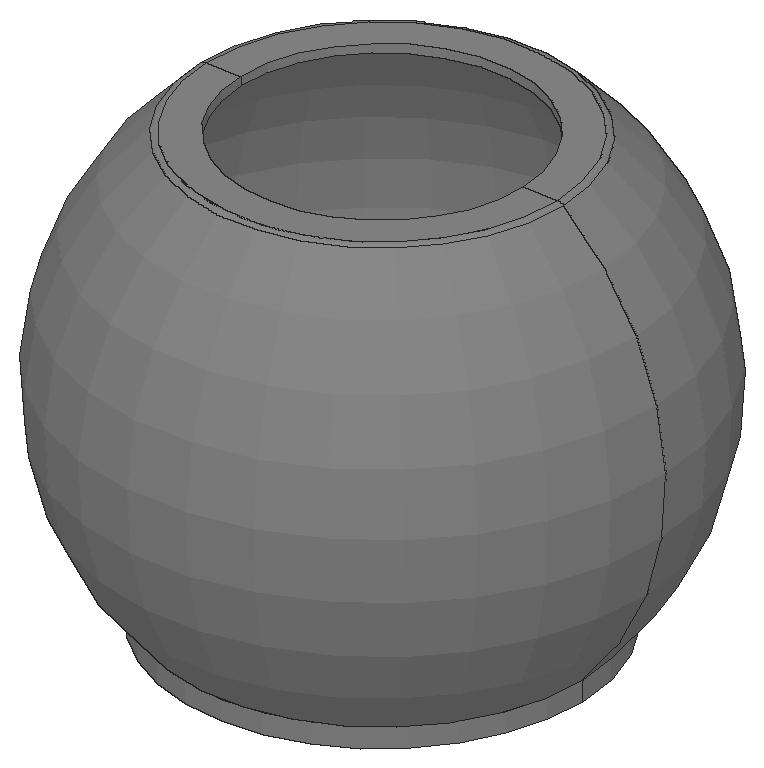
Revit family "tsvetochnitsa_atom", category Антураж, Revit 2017
Family settings
  На основе рабочей плоскости = Нет
  Всегда вертикально = Да
  При загрузке вырезать с полостями = Нет
  Источник визуального образа = Геометрия семейства
  Общий = Нет
  Точка расчета площади = Нет
Parameters (values of type ""Атом" Шахматка")
  Производитель = "ГК Очаковский комбинат ЖБИ"  # constant formula
  Позиция = ""
  Поверхность = ""
  Площадь [instance] = 1.04 m²
  Описание изделия [instance] = "За основу формы цветочницы «Атом» взят идеальный шар. Цветочницы такой формы воспринимаются самостоятельными элементами благоустройства и часто используются группами, в том числе в комплексе с парковочными ограничителями вида «сфера» и «полусфера»."
  Объем бетона = 0.05 m³
  Обозначение = ""
  Наименование = "Цветочница \"Атом\""
  Морозостойкость [instance] = "F150"
  Материал = Очаковский_Шахматка
  Масса [instance] = 125.00 kg
  Класс бетона [instance] = "В30"
  Защитное покрытие [instance] = 0.89
  Диаметр = 580 mm
  Watermarked By = ""
  Высота = 450 mm
  Водонепроницаемость [instance] = "W8"
  URL = "http://file-system.ru/catalog/blagoustroystvo/blagoustroystvo_goroda/vazony_i_tsvetochnitsy/atom_tsvetochnitsa_/"
Types (10, lengths in mm): name | Материал | URL
  (no name) | Очаковский_Шахматка | "http://file-system.ru/catalog/blagoustroystvo/blagoustroystvo_goroda/vazony_i_tsvetochnitsy/atom_tsvetochnitsa_/"
  "Атом" Белый | Очаковский_Белый | 0
  "Атом" Белый шелк | Очаковский_Белый_Шелк | 0
  "Атом" Светло-серый | Очаковский_Светло-серый | 0
  "Атом" Черный глянец | Очаковский_Черный_глянец | 0
  "Атом" Черный шелк | Очаковский_Черный_шелк | 0
  "Атом" Морская соль | Очаковский_Морская_соль | 0
  "Атом" Крымский берег | Очаковский_Крымский_берег | 0
  "Атом" Московский гравий | Очаковский_Московский_гравий | 0
  "Атом" Шахматка | Очаковский_Шахматка | "http://file-system.ru/catalog/blagoustroystvo/blagoustroystvo_goroda/vazony_i_tsvetochnitsy/atom_tsvetochnitsa_/"
Reference planes
  plane 1 "По центру (Вперед/Назад)": y = 0
  plane 2: z = 0
  plane 3 "По центру (Влево/Вправо)": x = 0
  plane 4: z = 450
  plane 5: x = -290
  plane 6: x = 290
  plane 7: y = -290
  plane 8: y = 290
Forms (mm)
  Revolve 1, solid, material "Очаковский_Шахматка" <- "Материал", detail levels medium+fine
    sketch origin (0, 0, 0) x (1, 0, 0) y (0, 0, 1)
      loop
        arc (205.122, 20) -> (289.704, 238.102) -> (185.78, 447.679) r 290
        arc (185.78, 447.679) -> (182.781, 449.402) -> (179.374, 450) r 10
        line (179.374, 450) -> (144.374, 450) -> (144.374, 441.232)
        arc (144.374, 441.232) -> (259.823, 234.59) -> (159.922, 20) r 260
        line (159.922, 20) -> (0, 20) -> (0, 0) -> (205.122, 0) -> (205.122, 20)
      axis (0, 450) -> (0, 0)
    angle from 0 to 360
Dimensions and locks
  "Высота": plane 4 to plane 2
  equal spacing: plane 8, plane 1 "По центру (Вперед/Назад)", plane 7
  equal spacing: plane 5, plane 3 "По центру (Влево/Вправо)", plane 6
  "Диаметр": plane 5 to plane 6
  "Диаметр": plane 8 to plane 7
  aligned and locked: level to plane 2
  aligned and locked: Revolve 1 sketch curve to plane 3 "По центру (Влево/Вправо)"
  aligned and locked: plane 4 to Revolve 1 sketch curve
  aligned and locked: Revolve 1 sketch curve to plane 2
  aligned and locked: plane 3 "По центру (Влево/Вправо)" to nested 1
  aligned and locked: plane 1 "По центру (Вперед/Назад)" to nested 1
Automatic sketch dimensions
  Revolve 1 sketch curve to Revolve 1 sketch curve = 0 mm  (x2)
  Revolve 1 sketch curve to plane 3 "По центру (Влево/Вправо)" = 0 mm  (x2)
  plane 4 to Revolve 1 sketch curve = 8.768 mm
  plane 3 "По центру (Влево/Вправо)" to Revolve 1 sketch curve = 144.374 mm
  level to Revolve 1 sketch curve = 20 mm
  plane 3 "По центру (Влево/Вправо)" to Revolve 1 sketch curve = 159.922 mm
  plane 4 to Revolve 1 sketch curve = 10 mm
  Revolve 1 sketch curve to Revolve 1 sketch curve = 35 mm
  Revolve 1 sketch curve to Revolve 1 sketch curve = 45.2 mm
  Revolve 1 sketch curve to Revolve 1 sketch curve = 20 mm
  Revolve 1 sketch curve to level = 366.045 mm
  Revolve 1 sketch curve to plane 4 = 1663.799 mm
Nested families
  nested 1: "МАФ Круглый низкая дет" at (0, 0, 0), Диаметр <- "Диаметр", Высота <- "Высота", type "МАФ Круглый низкая дет"
    with Диаметр 580 mm, Высота 450 mm
Definition of nested family "МАФ Круглый низкая дет"
  Parameters (values of type "МАФ Круглый низкая дет")
    Диаметр [instance] = 300 mm
    Высота [instance] = 600 mm
    Watermarked By = ""
    Type Comments = "﻿﻿                             ​                  ​       ​    ​                    ﻿  ​       ​        ﻿       ﻿  ​     ​   ​   ﻿   ﻿   ﻿   ﻿ ﻿   ﻿ ﻿ ﻿﻿﻿ ﻿ ﻿﻿       ﻿﻿"
    Keynote = "﻿﻿                             ​                  ​       ​    ​                    ﻿  ​       ​        ﻿       ﻿  ​     ​   ​   ﻿   ﻿   ﻿   ﻿ ﻿   ﻿ ﻿ ﻿﻿﻿ ﻿ ﻿﻿       ﻿﻿"
    Description = "﻿﻿                             ​                  ​       ​    ​                    ﻿  ​       ​        ﻿       ﻿  ​     ​   ​   ﻿   ﻿   ﻿   ﻿ ﻿   ﻿ ﻿ ﻿﻿﻿ ﻿ ﻿﻿       ﻿﻿"
    Assembly Code = "﻿﻿                             ​                  ​       ​    ​                    ﻿  ​       ​        ﻿       ﻿  ​     ​   ​   ﻿   ﻿   ﻿   ﻿ ﻿   ﻿ ﻿ ﻿﻿﻿ ﻿ ﻿﻿       ﻿﻿"
  Reference planes
    plane 1 "По центру (Вперед/Назад)": y = 0
    plane 2: z = 0
    plane 3 "По центру (Влево/Вправо)": x = 0
    plane 4: x = -150
    plane 5: x = 150
    plane 6: y = -150
    plane 7: y = 150
    plane 8: z = 600
  Forms (mm)
    Extrusion 1, solid, detail levels coarse
      sketch origin (0, 0, 0) x (1, 0, 0) y (0, 1, 0)
        loop
          line (-150, 150) -> (-150, -150) -> (150, -150) -> (150, 150) -> (-150, 150)
      from 0 to 600
  Dimensions and locks
    equal spacing: plane 6, plane 1 "По центру (Вперед/Назад)", plane 7
    "Диаметр": plane 6 to plane 7
    equal spacing: plane 4, plane 3 "По центру (Влево/Вправо)", plane 5
    "Диаметр": plane 4 to plane 5
    "Высота": plane 8 to level
    aligned and locked: level to plane 2
    aligned and locked: Extrusion 1 sketch curve to plane 5
    aligned and locked: Extrusion 1 sketch curve to plane 7
    aligned and locked: Extrusion 1 sketch curve to plane 6
    aligned and locked: Extrusion 1 sketch curve to plane 4
    aligned and locked: plane 8 to Extrusion 1
  Automatic sketch dimensions
    Extrusion 1 sketch curve to plane 5 = 0 mm
